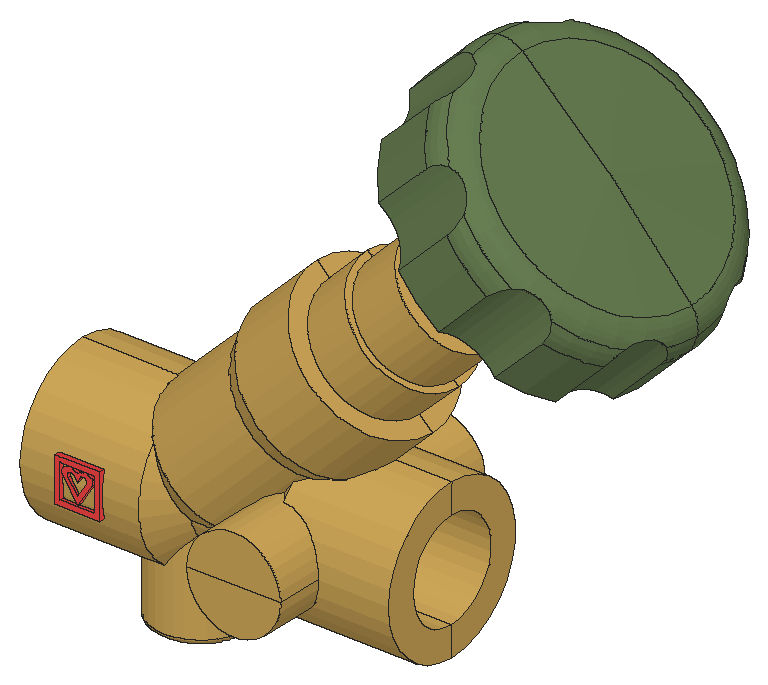
Revit family "Запорный клапан со встроенным обратным клапаном 4126", category Rohrzubehör, Revit 2021
Family settings
  Bemaßung runder Anschluss = Durchmesser verwenden
  Teiletyp = Unterbricht
  OmniClass-Nummer = 23.65.55.14
  OmniClass-Titel = Valves for Liquid Services
  Arbeitsebenenbasiert = Nein
  Immer vertikal = Ja
  Beim Laden mit Abzugskörper schneiden = Nein
  Gemeinsam genutzt = Nein
Parameters
  Шпиндель = "штампованная латунь, CW617N"  # constant formula
  Среда = "питьевая вода"  # constant formula
  Примечание = "В соответствии со статьей 33 Регламента REACH (Registration; Evaluation; Authorisation; Restriction of Chemicals) (EC № 1907/2006) мы обязаны указать, что свинец внесен в список SVHC (Substances of Very High Concern - вещества очень высокой важности) и весовой процент свинца во всех латунных компонентах заводского изготовления в наших изделиях, превышает 0,1 % (w/w) (CAS: 7439-92-1 / EINECS: 231-100-4).\r\nПоскольку свинец является легирующим компонентом сплава, прямое негативное влияние исключается, и поэтому дополнительной информации о безопасном использовании не требуется."
  Область применения = "Для перекрытия трубопроводов системы питьевого водоснабжения и циркуляционных систем в зданиях."
  Номер заказа [instance] = size_lookup("4126_", "Artnr", 0, Nennweite)  # 2412602
  Маховик = "пластик, цвет - зеленый"  # constant formula
  Макс. рабочее давление = 1600000.0 Pa  # constant formula
  Макс. рабочая температура = 80 °C  # constant formula
  Корпус = "литая латунь, устойчивая к селективной цинковой коррозии, CC770S"  # constant formula
  Давление открытия обратного клапана = "согласно DIN EN 13959"  # constant formula
  W01 = 45.00°  # constant formula
  Vorgabe-Ansicht = 0.000 mm
  URL = "www.herz-armaturen.ru"
  SW01 = 60.00°  # constant formula
  SC_NennweiteBerechnet = 0
  SC_Dimension = ""
  SCTWSEQ = "FW;SBT_TYP_FW=\"109\";2"
  SCTWCODE = "04;00;02"  # constant formula
  S03 = 60.000 mm  # constant formula
  S02 [instance] = L06 + L09 + L12 + L15  # 95.900 mm
  S01 [instance] = R01 * 2  # 32.000 mm
  R12 [instance] = R01 - 1.000 mm  # 15.000 mm
  R11 [instance] = size_lookup("4126_", "R11", 46.500 mm, Nennweite)  # 5.400 mm
  R100 = 1.000 mm  # constant formula
  R10 [instance] = size_lookup("4126_", "R10", 46.500 mm, Nennweite)  # 8.500 mm
  R09 [instance] = size_lookup("4126_", "R9", 46.500 mm, Nennweite)  # 11.750 mm
  R08 [instance] = size_lookup("4126_", "R8", 46.500 mm, Nennweite)  # 13.000 mm
  R07 [instance] = size_lookup("4126_", "R7", 46.500 mm, Nennweite)  # 16.500 mm
  R06 [instance] = size_lookup("4126_", "R6", 43.000 mm, Nennweite)  # 14.600 mm
  R05 [instance] = Nennweite / 2  # 10.000 mm
  R04 [instance] = size_lookup("4126_", "R4", 11.500 mm, Nennweite)  # 9.500 mm
  R03 = 9.500 mm  # constant formula
  R02 [instance] = Nennweite / 2  # 10.000 mm
  R01 [instance] = size_lookup("4126_", "R1", 11.500 mm, Nennweite)  # 16.000 mm
  Nennweite [instance] = 20.000 mm
  Макс. перепад давления на закрытом седле = 1000000.0 Pa  # constant formula
  L16 [instance] = L01 / 2  # 12.000 mm
  L15 [instance] = size_lookup("4126_", "L15", 12.400 mm, Nennweite)  # 12.400 mm
  L14 [instance] = size_lookup("4126_", "L14", 81.000 mm, Nennweite)  # 8.000 mm
  L12 [instance] = size_lookup("4126_", "L12", 81.000 mm, Nennweite)  # 33.500 mm
  L11 [instance] = size_lookup("4126_", "L11", 60.000 mm, Nennweite)  # 12.500 mm
  L10 [instance] = size_lookup("4126_", "L10", 20.000 mm, Nennweite)  # 11.000 mm
  L09 [instance] = size_lookup("4126_", "L9", 11.000 mm, Nennweite)  # 15.500 mm
  L08 [instance] = size_lookup("4126_", "L8", 35.000 mm, Nennweite)  # 30.100 mm
  L07 [instance] = size_lookup("4126_", "L7", 35.000 mm, Nennweite)  # 13.500 mm
  L06 [instance] = size_lookup("4126_", "L6", 118.000 mm, Nennweite) - L09  # 34.500 mm
  L05 [instance] = size_lookup("4126_", "L5", 44.000 mm, Nennweite)  # 26.500 mm
  L04 [instance] = size_lookup("4126_", "L4", 45.000 mm, Nennweite)  # 25.500 mm
  L03 = 15.000 mm  # constant formula
  L02 [instance] = size_lookup("4126_", "L2", 22.000 mm, Nennweite)  # 8.000 mm
  L01 [instance] = size_lookup("4126_", "L1", 48.000 mm, Nennweite)  # 24.000 mm
  L00 [instance] = size_lookup("4126_", "L", 180.000 mm, Nennweite)  # 75.000 mm
  Конус = "штампованная латунь, CW617N"  # constant formula
  Hersteller = "HERZ Armaturen Ges.m.b.H."  # constant formula
  H01 [instance] = size_lookup("4126_", "H1", 53.000 mm, Nennweite)  # 26.400 mm
  Незапланированные повышения температуры = "до  95 °C, продолжительностью не более 1 часа"  # constant formula
  DN50 [instance] = Nennweite = 50.000 mm  # no
  DN40 [instance] = Nennweite = 40.000 mm  # no
  DN32 [instance] = Nennweite = 32.000 mm  # no
  DN25-DN50 [instance] = or(Nennweite = 25.000 mm, Nennweite = 32.000 mm, Nennweite = 40.000 mm, Nennweite = 50.000 mm)  # no
  DN25 [instance] = Nennweite = 25.000 mm  # no
  DN20 [instance] = Nennweite = 20.000 mm  # yes
  DN15 [instance] = Nennweite = 15.000 mm  # no
Reference planes
  plane 1 "Mitte (Vorne/hinten)": y = 0
  plane 2: z = 0
  plane 3 "Mitte (Links/rechts)": x = 0
Forms (mm)
  Revolve 1, solid, material "Messing, weicher Gelbton, geschweißt", detail levels fine
    sketch origin (470, 0, 0) x (1, 0, 0) y (0, 0, 1)
      loop
        line (-507.5, 10) -> (-492.5, 10) -> (-492.5, 0) -> (-447.5, 0) -> (-447.5, 10) -> (-432.5, 10) -> (-432.5, 16) -> (-456.5, 16) -> (-462, 10) -> (-478, 10) -> (-483.5, 16) -> (-507.5, 16) -> (-507.5, 10)
      axis (-507.5, 0) -> (-432.5, 0)
    angle from 0 to 360
  Revolve 2, solid, material "Messing, weicher Gelbton, geschweißt", detail levels fine
    sketch origin (470, 0, 0) x (1, 0, 0) y (0, 0, 1)
      loop
        line (-493, 0) -> (-493, -25.4)
        arc (-493, -25.4) -> (-492.707, -26.107) -> (-492, -26.4) r 1
        line (-492, -26.4) -> (-483.5, -26.4) -> (-483.5, 0) -> (-493, 0)
      axis (-483.5, 0) -> (-483.5, -26.4)
    angle from 0 to 360
  Revolve 3, solid, material "Messing, weicher Gelbton, geschweißt", detail levels fine
    sketch origin (0, 0, 0) x (1, 0, 0) y (0, 1, 0)
      loop
        line (13.5, -25.5) -> (23, -25.5) -> (23, 26.5) -> (13.5, 26.5) -> (13.5, -25.5)
      axis (13.5, -25.5) -> (13.5, 26.5)
    angle from 0 to 360
  Revolve 4, solid, material "Messing, weicher Gelbton, geschweißt", visible <- "DN25-DN50", detail levels fine
    sketch origin (-470, 0, 0) x (-1, 0, 0) y (0, 0, 1)
      loop
        line (-493, 0) -> (-493, -25.4)
        arc (-493, -25.4) -> (-492.707, -26.107) -> (-492, -26.4) r 1
        line (-492, -26.4) -> (-483.5, -26.4) -> (-483.5, 0) -> (-493, 0)
      axis (-483.5, 0) -> (-483.5, -26.4)
    angle from 0 to 360
  Revolve 5, solid, material "Messing, weicher Gelbton, geschweißt", detail levels fine
    sketch origin (0.32, 0, -0.105) x (1, 0, 0) y (0, 0, 1)
      loop
        line (-13.82, 0) -> (53.991, 67.812) -> (50.173, 71.63) -> (41.405, 62.862) -> (39.213, 65.054) -> (32.142, 57.983) -> (29.844, 60.281) -> (21.005, 51.442) -> (20.121, 52.326) -> (12.343, 44.548) -> (9.868, 47.023) -> (-1.092, 36.062) -> (-2.86, 31.608) -> (-18.487, 15.981) -> (-20.891, 7.071) -> (-13.82, 0)
      axis (-13.82, 0) -> (53.991, 67.812)
    angle from 0 to 360
Lines and regions (mm)
  model lines, detail levels coarse+medium
    curve 1: line (-37.5, 0, 16) -> (-37.5, 0, -16)
    curve 2: line (-37.5, 0, -16) -> (37.5, 0, 16)
    curve 3: line (37.5, 0, 16) -> (37.5, 0, -16)
    curve 4: line (37.5, 0, -16) -> (-37.5, 0, 16)
    curve 5: line (0, 0, 0) -> (47.95, 0, 83.052)
    curve 6: line (21.969, 0, 98.052) -> (73.931, 0, 68.052)
    curve 7: line (-37.5, -16, 0) -> (-37.5, 16, 0)
    curve 8: line (-37.5, 16, 0) -> (37.5, -16, 0)
    curve 9: line (37.5, -16, 0) -> (37.5, 16, 0)
    curve 10: line (37.5, 16, 0) -> (-37.5, -16, 0)
    curve 11: line (0, 0, 0) -> (47.95, 83.052, 0)
    curve 12: line (21.969, 98.052, 0) -> (73.931, 68.052, 0)
Dimensions and locks
  "H01": plane 2 to Revolve 2 sketch curve
  "L00": Revolve 1 sketch curve to Revolve 1 sketch curve
  equal spacing: Revolve 1 sketch curve, plane 3 "Mitte (Links/rechts)", Revolve 1 sketch curve
  "R01": Revolve 1 sketch curve to Revolve 1 sketch curve  (x2)
  "R02": Revolve 1 sketch curve to Revolve 1 sketch curve  (x3)
  "L01": Revolve 1 sketch curve to Revolve 1 sketch curve  (x2)
  "L02": plane 3 "Mitte (Links/rechts)" to Revolve 1 sketch curve
  "L02": Revolve 1 sketch curve to plane 3 "Mitte (Links/rechts)"
  "L03": Revolve 1 sketch curve to Revolve 1 sketch curve  (x2)
  "L01": Revolve 1 to Revolve 2 sketch curve
  "R03": Revolve 2 sketch curve to Revolve 2 sketch curve
  "L01": Revolve 4 sketch curve to Revolve 1
  "R03": Revolve 4 sketch curve to Revolve 4 sketch curve
  "H01": plane 2 to Revolve 4 sketch curve
  "L04": Revolve 3 sketch curve to plane 1 "Mitte (Vorne/hinten)"
  "L05": plane 1 "Mitte (Vorne/hinten)" to Revolve 3 sketch curve
  "R04": Revolve 3 sketch curve to Revolve 3 sketch curve
  "L01": Revolve 3 sketch curve to Revolve 1
  "R07": Revolve 5 sketch curve to Revolve 5 sketch curve
  "L07": plane 3 "Mitte (Links/rechts)" to Revolve 5 sketch curve
  "R05": Revolve 5 sketch curve to Revolve 5 sketch curve
  "L06": Revolve 5 sketch curve to Revolve 5 sketch curve
  "L08": Revolve 5 sketch curve to Revolve 5 sketch curve
  "R06": Revolve 5 sketch curve to Revolve 5 sketch curve
  "L14": Revolve 5 sketch curve to Revolve 5 sketch curve
  "L09": Revolve 5 sketch curve to Revolve 5 sketch curve
  "R08": Revolve 5 sketch curve to Revolve 5 sketch curve
  "L10": Revolve 5 sketch curve to Revolve 5 sketch curve
  "R09": Revolve 5 sketch curve to Revolve 5 sketch curve
  "R10": Revolve 5 sketch curve to Revolve 5 sketch curve
  "L12": Revolve 5 sketch curve to Revolve 5 sketch curve
  "R11": Revolve 5 sketch curve to Revolve 5 sketch curve
  "L15": Revolve 5 sketch curve to Revolve 5 sketch curve
  "L11": Revolve 5 sketch curve to Revolve 5 sketch curve
  "R12": nested 7 to plane 1 "Mitte (Vorne/hinten)"
  "L16": Revolve 1 to nested 7
  "L00": curve 1 to curve 3
  "S01": curve 4 to curve 2
  "S01": curve 3 to curve 4
  equal spacing: curve 4, plane 2, curve 2
  equal spacing: curve 3, plane 2, curve 4
  "S02": curve 5 to curve 5
  equal spacing: curve 6, curve 5, curve 6
  "S03": curve 6 to curve 6
  "L00": curve 7 to curve 9
  "S01": curve 10 to curve 8
  curve 9 to curve 10 = 32.000 mm
  equal spacing: curve 12, curve 11, curve 12
  "S03": curve 12 to curve 12
  "S02": curve 11 to curve 11
  equal spacing: curve 10, plane 1 "Mitte (Vorne/hinten)", curve 8
  equal spacing: curve 9, plane 1 "Mitte (Vorne/hinten)", curve 10
  equal spacing: curve 7, plane 3 "Mitte (Links/rechts)", curve 9
  equal spacing: Revolve 1, curve 5, Revolve 1
  equal spacing: curve 7, curve 11, Revolve 1
  equal spacing: curve 1, plane 3 "Mitte (Links/rechts)", curve 3
  "R100": radius of Revolve 2 sketch curve
  "R100": radius of Revolve 4 sketch curve
  "W01": angle plane 2 to Revolve 5 sketch curve
  "W01": angle level to Revolve 5 sketch curve
  "SW01": angle plane 2 to curve 5
  "SW01": angle plane 1 "Mitte (Vorne/hinten)" to curve 11
  aligned and locked: level to plane 2
Automatic sketch dimensions
  curve 5 to level = 0.000 mm
  plane 1 "Mitte (Vorne/hinten)" to curve 11 = 0.000 mm
  Revolve 1 sketch curve to level = 0.000 mm  (x2)
  Revolve 1 sketch curve to Revolve 1 sketch curve = 791.990 mm
  Revolve 1 sketch curve to Revolve 1 sketch curve = 2278.983 mm
  Revolve 2 sketch curve to level = 0.000 mm  (x2)
  Revolve 2 sketch curve to Revolve 2 sketch curve = 0.000 mm
  Revolve 2 sketch curve to Revolve 2 sketch curve = 0.292 mm
  Revolve 3 sketch curve to Revolve 3 sketch curve = 0.000 mm  (x3)
  Revolve 4 sketch curve to level = 0.000 mm  (x2)
  Revolve 4 sketch curve to Revolve 4 sketch curve = 0.000 mm
  Revolve 4 sketch curve to Revolve 4 sketch curve = 0.292 mm
  Revolve 5 sketch curve to level = 0.105 mm
  Revolve 5 sketch curve to Revolve 5 sketch curve = 0.000 mm  (x2)
Nested families
  nested 1: "Strömax-Handrad_Schrägsitz (Grün)" at (42.584, 0, 54.979), visible <- "DN15", type "Strömax-Handrad_Schrägsitz (Grün)", detail levels fine
    with Nennweite 0.000 mm, Gewicht 0.00 kg, Bestellnummer 0
  nested 2: "Strömax-Handrad_Schrägsitz (Grün)" at (54.312, 0, 67.707), visible <- "DN20", type "Strömax-Handrad_Schrägsitz (Grün)", detail levels fine
    with Nennweite 0.000 mm, Gewicht 0.00 kg, Bestellnummer 0
  nested 3: "Strömax-Handrad_Schrägsitz (Grün)" at (62.469, 0, 80.364), visible <- "DN25", type "Strömax-Handrad_Schrägsitz (Grün)", detail levels fine
    with Nennweite 0.000 mm, Gewicht 0.00 kg, Bestellnummer 0
  nested 4: "Strömax-Handrad_Schrägsitz (Grün)" at (71.712, 0, 91.607), visible <- "DN32", type "Strömax-Handrad_Schrägsitz (Grün)", detail levels fine
    with Nennweite 0.000 mm, Gewicht 0.00 kg, Bestellnummer 0
  nested 5: "Strömax-Handrad_Schrägsitz (Grün)" at (80.399, 0, 101.294), visible <- "DN40", type "Strömax-Handrad_Schrägsitz (Grün)", detail levels fine
    with Nennweite 0.000 mm, Gewicht 0.00 kg, Bestellnummer 0
  nested 6: "Strömax-Handrad_Schrägsitz (Grün)" at (97.83, 0, 129.225), visible <- "DN50", type "Strömax-Handrad_Schrägsitz (Grün)", detail levels fine
    with Nennweite 0.000 mm, Gewicht 0.00 kg, Bestellnummer 0
  nested 7: "Herz-Logo-vorne" at (-25.5, -15.732, 0) x (0, 1, 0) z (0, 0, 1), type "Herz-Logo-vorne", detail levels fine
Connectors
  piping at (-22.5, 0, 0), diameter 20, driven by "Nennweite"
    settings: on Revolve 1, index 1, connector inside diameter 609.6 mm, connector length 0.000 mm, flow factor 0, pipe flow 0.0 L/s, pressure drop 0.0 Pa, fitting loss kfactor 0, connector angle 0.00°, fixture units 0, engagement length 0.000 mm, angle of deflection 0.00°, flow configuration 0, flow direction 1, fitting loss method 0, system type 29, joint type 0, gender type 0, connector reference index -1, connector utility 0, adjustable connector no, is connector primary yes, connector description ""
  piping at (22.5, 0, 0), diameter 20, driven by "Nennweite"
    settings: on Revolve 1, index 2, connector inside diameter 609.6 mm, connector length 0.000 mm, flow factor 0, pipe flow 0.0 L/s, pressure drop 0.0 Pa, fitting loss kfactor 0, connector angle 0.00°, fixture units 0, engagement length 0.000 mm, angle of deflection 0.00°, flow configuration 0, flow direction 2, fitting loss method 0, system type 29, joint type 0, gender type 0, connector reference index -1, connector utility 0, adjustable connector no, is connector primary no, connector description ""
Definition of nested family "Strömax-Handrad_Schrägsitz (Grün)"
  Parameters (values of type "Strömax-Handrad_Schrägsitz (Grün)")
    Default Elevation = 0.000 mm
    URL = "www.herz-armaturen.at"
    Nennweite [instance] = 0.000 mm
    Manufacturer = "Herz Armaturen GmbH"  # constant formula
    Gewicht [instance] = 0.00 kg
    Bestellnummer [instance] = 0
  Reference planes
    plane 1 "Mitte (Vorne/hinten)": y = 0
    plane 2: z = 0
    plane 3 "Mitte (Links/rechts)": x = 0
  Forms (mm)
    Revolve 1, solid
      sketch origin (0, 0, 0) x (0.707107, 0, -0.707107) y (0.707107, 0, 0.707107)
        loop
          line (0, 0) -> (0, 22)
          arc (0, 22) -> (-12.15, 21.705) -> (-24.271, 20.819) r 250
          arc (-24.271, 20.819) -> (-26.831, 19.959) -> (-28.754, 18.063) r 6
          arc (-28.754, 18.063) -> (-29.682, 16.008) -> (-30, 13.776) r 8
          line (-30, 13.776) -> (-30, 0) -> (0, 0)
        axis (0, 22) -> (0, 0)
      angle from 0 to 360
    Extrusion 2, void
      sketch origin (0, 0, 0) x (0.707107, 0, -0.707107) y (0, 1, 0)
        loop
          circle (14.351, -34.645) r 10
      from 0 to 22
    Extrusion 3, void
      sketch origin (0, 0, 0) x (-0.707107, 0, 0.707107) y (0, -1, 0)
        loop
          circle (14.351, 34.645) r 10
      from 0 to 22
    Extrusion 4, void
      sketch origin (0, 0, 0) x (0, -1, 0) y (0.707107, 0, -0.707107)
        loop
          circle (14.351, 34.645) r 10
      from 0 to 22
    Extrusion 5, void
      sketch origin (0, 0, 0) x (0, 1, 0) y (-0.707107, 0, 0.707107)
        loop
          circle (14.351, -34.645) r 10
      from 0 to 22
    Extrusion 6, void
      sketch origin (0, 0, 0) x (0, -1, 0) y (0.707107, 0, -0.707107)
        loop
          circle (14.351, -34.645) r 10
      from 0 to 22
    Extrusion 7, void
      sketch origin (0, 0, 0) x (0, 1, 0) y (-0.707107, 0, 0.707107)
        loop
          circle (14.351, 34.645) r 10
      from 0 to 22
    Extrusion 8, void
      sketch origin (0, 0, 0) x (0.707107, 0, -0.707107) y (0, 1, 0)
        loop
          circle (14.351, 34.645) r 10
      from 0 to 22
    Extrusion 9, void
      sketch origin (0, 0, 0) x (-0.707107, 0, 0.707107) y (0, -1, 0)
        loop
          circle (14.351, -34.645) r 10
      from 0 to 22
  Cuts and joins
    Extrusion 2, Extrusion 3, Extrusion 4, Extrusion 5, Extrusion 6, Extrusion 7, Extrusion 8, Extrusion 9 cuts Revolve 1
  Dimensions and locks
    aligned and locked: level to plane 2
Definition of nested family "Herz-Logo-vorne"
  Parameters (values of type "Herz-Logo-vorne")
    Default Elevation = 0.000 mm
  Reference planes
    plane 1 "Mitte (Vorne/hinten)": y = 0
    plane 2: z = 0
    plane 3 "Mitte (Links/rechts)": x = 0
  Forms (mm)
    Extrusion 1, solid
      sketch origin (0.732, -0.018, 0.017) x (0, -1, 0) y (0, 0, 1)
        loop
          line (-0.018, -4.517) -> (4.482, -4.517) -> (4.482, 4.483) -> (-4.518, 4.483) -> (-4.518, -4.517) -> (-0.018, -4.517)
        loop
          line (-0.05, -3.48) -> (3.482, -3.48) -> (3.482, 3.483) -> (-3.518, 3.483) -> (-3.518, -3.48) -> (-0.05, -3.48)
        loop
          arc (-0.018, 2.383) -> (-1.543, 3.287) -> (-3.067, 2.383) r 1.738
          arc (-3.067, 2.383) -> (-3.191, 1.899) -> (-3.067, 1.415) r 1.009
          line (-3.067, 1.415) -> (-0.018, -3.281) -> (3.032, 1.415)
          arc (3.032, 1.415) -> (3.156, 1.899) -> (3.032, 2.383) r 1.009
          arc (3.032, 2.383) -> (1.507, 3.287) -> (-0.018, 2.383) r 1.738
        loop
          arc (1.885, 1.272) -> (2.005, 1.675) -> (1.885, 2.079) r 0.74
          arc (1.885, 2.079) -> (1.265, 2.416) -> (0.644, 2.079) r 0.74
          line (0.644, 2.079) -> (-0.018, 0.97) -> (-0.679, 2.079)
          arc (-0.679, 2.079) -> (-1.3, 2.416) -> (-1.921, 2.079) r 0.74
          arc (-1.921, 2.079) -> (-2.04, 1.675) -> (-1.921, 1.272) r 0.74
          line (-1.921, 1.272) -> (-0.018, -1.658) -> (1.885, 1.272)
      from 0 to 1.5
  Dimensions and locks
    aligned and locked: level to plane 2
